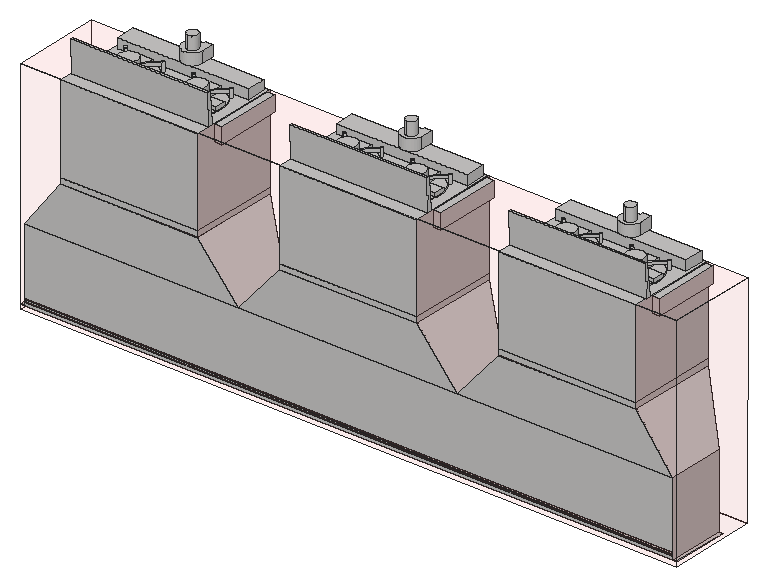
Revit family "Air-Curtain_Industrial_PoweredAire_Gas-Indirect-3Heater", category Mechanical Equipment, host Face, Revit 2017
Family settings
  Host = Face
  Round Connector Dimension = Use Diameter
  Part Type = Normal
  OmniClass Number = 23.75.35.17.21
  OmniClass Title = Air Curtains
  Cut with Voids When Loaded = No
  Shared = No
  Room Calculation Point = No
Parameters (values of type "22 ft Opening EHD 240'' Nozzle")
  topbracket [instance] = Unit Height = 1' 4 3/4"  # no
  Warranty Duration (Years) = 0
  Unit Width Notes = "Other Widths available."  # constant formula
  Unit Width = 20' - 3 3/8"
  Unit Weight = 2870
  Unit Height = 1' - 9"
  Unit Depth = 2' - 3 1/4"
  URL = "http://www.poweredaire.com/"
  Test Data = ""
  Standards Conformance = "AGA  ;  Made in USA"
  Specification = "http://www.arcat.com/sdspecs/htm04/23_34_33pai.htm"
  SpecWizard = ""
  Sound Pressure = ">71 dBA"
  Sales Information = "http://www.poweredaire.com/contact_us"
  Revision = "R1_2016-08"
  Projection from Host [instance] = 0' - 2"
  Product Properties = ""
  Product Data = "http://www.arcat.com/arcatcos/cos47/arc47623.html"
  Power Rating = 0 W
  Piping_Operating Pressure [instance] = 0.00 psi
  Pipe OD [instance] = 5/8"
  Overall Depth = 6' - 7 3/4"
  Nozzle Width = if(1 = 1, Unit Width - 0' 3", 0' 0")  # 20' - 0 3/8"
  Mounting Width = if(1 = 1, Unit Width - 0' 1 1/2", 0' 0")  # 20' - 1 7/8"
  Mounting Height [instance] = 3' - 6"
  Motor RPM = 1160
  Motor HP = 5
  Motor Count = 4
  Model = "EHD-4-240IG"
  Max Height = 22' - 0"
  Manufacturer Website = "http://www.poweredaire.com/"
  Manufacturer Phone - Toll Free = "888-321-2473"
  Manufacturer Phone = "724-588-3305"
  Manufacturer Fax = "724-588-3371"
  Manufacturer Address = "109 Mortensen Rd.  Greenville, PA 16125"
  Manufacturer = "Powered Aire, Inc"
  Maintenance Schedule (Months) = 0
  Keynote = "23 34 33"
  Installation-Fabrication = ""
  Installation Phase = ""
  Include Clearance [instance] = yes
  Heating Element Load = 0 W
  Heater Weight = 0
  Heater Hanging Width = 4' - 0 5/8"
  Heater Finish [instance] = Metal - Steel - PoweredAire - Stainless 304
  HVAC_Temperature Rise = 27 °F
  HVAC_Primary CFM = 0 CFM
  HVAC_Outlet Volume = 29100 CFM
  HVAC_Outlet Velocity Uniformity = 0.95
  HVAC_Outlet Velocity = 4400 FPM
  HVAC_Exit Temperature [instance] = 0 °F
  HVAC_BTU Output = 840000.0 Btu/h
  HVAC_BTU Input = 350000.0 Btu/h
  Green Building-LEED = "http://www.arcat.com/green/clients/leed_data_47623.html"
  Gas Connection Diameter [instance] = 0"
  Frame Finish [instance] = Metal - Steel - PoweredAire - Stainless 304
  Expected Lifespan (Years) = 0
  Exhaust Connection Diameter = 0' - 6"
  Electrical_Wattage [instance] = Power Rating + Heating Element Load  # 0 W
  Electrical_Voltage [instance] = 0 V
  Electrical_Phase [instance] = 1
  Electrical_Frequency [instance] = 0 Hz
  Electrical_Amperage [instance] = 0 A
  Drawn By = "Sumex Design, Inc. / Robert S. Weygant, CSI, CDT, SCIP"
  Description = "Powered Aire Indirect Gas Heated Industrial Air Curtain - EHD-4-240IG as Specified"
  Default Elevation = 0' - 0"  # constant formula
  Copyright = "©Arcat Inc."
  Construction Details = "http://www.arcat.com/details/powair/prod3336.html"
  Clearance_Top [instance] = 1' - 0"
  Clearance_Side B [instance] = 0' - 0"
  Clearance_Side A [instance] = 0' - 0"
  Clearance_Intake [instance] = 0' - 0"
  Clearance_Bottom [instance] = 0' - 0"
  Clearance Material [instance] = ARCAT Clearance
  Building Codes = ""
  Available Options [instance] = "as Specified"
  Assembly Code = "D3090400"
Types (5): name | Unit Width | Unit Weight | Sound Pressure | Nozzle Width | Mounting Width | Motor HP | Motor Count | Model | Max Height | HVAC_Temperature Rise | HVAC_Outlet Volume | HVAC_Outlet Velocity Uniformity | HVAC_Outlet Velocity | Description
  22 ft Opening EHD 240'' Nozzle | 20' - 3 3/8" | 2870 | ">71 dBA" | 20' - 0 3/8" | 20' - 1 7/8" | 5 | 4 | "EHD-4-240IG" | 22' - 0" | 27 °F | 29100 CFM | 0.95 | 4400 FPM | "Powered Aire Indirect Gas Heated Industrial Air Curtain - EHD-4-240IG as Specified"
  22 ft Opening EHD 228'' Nozzle | 19' - 3 3/8" | 2800 | ">71 dBA" | 19' - 0 3/8" | 19' - 1 7/8" | 5 | 4 | "EHD-4-228IG" | 22' - 0" | 27 °F | 28300 CFM | 0.94 | 4800 FPM | "Powered Aire Indirect Gas Heated Industrial Air Curtain - EHD-4-228IG as Specified"
  17 ft Opening TSD 240'' Nozzle 5 Motor | 20' - 3 1/2" | 2550 | ">69 dBA" | 20' - 0 1/2" | 20' - 2" | 3 | 5 | "TSD-5-240IG" | 17' - 0" | 34 °F | 25900 CFM | 0.951 | 3900 FPM | "Powered Aire Indirect Gas Heated Industrial Air Curtain - TSD-5-240IG as Specified"
  17 ft Opening TSD 240'' Nozzle 4 Motor | 20' - 3 3/8" | 2330 | ">69 dBA" | 20' - 0 3/8" | 20' - 1 7/8" | 3 | 4 | "TSD-4-240IG" | 17' - 0" | 38 °F | 21500 CFM | 0.863 | 3300 FPM | "Powered Aire Indirect Gas Heated Industrial Air Curtain - TSD-4-240IG as Specified"
  17 ft Opening TSD 228'' Nozzle | 19' - 3 3/8" | 2310 | ">69 dBA" | 19' - 0 3/8" | 19' - 1 7/8" | 3 | 4 | "TSD-4-228IG" | 17' - 0" | 40 °F | 20800 CFM | 0.863 | 3300 FPM | "Powered Aire Indirect Gas Heated Industrial Air Curtain - TSD-4-228IG as Specified"
Reference planes (in)
  plane 1 "Center (Elevation)": y = 0.13818
  plane 2: z = 0
  plane 3 "Center (Left/Right)": x = 0
  plane 4 "Top": y = 10.63818
  plane 5: y = -10.36182
  plane 6: x = -121.6875
  plane 7: x = 121.6875
  plane 8 "Front": z = 29.25
  plane 9 "FF": y = -41.86182
  plane 10: z = 2
  plane 11: x = 120.1875
  plane 12: x = -120.1875
  plane 13: y = 22.63818
  plane 14: y = -10.36182
  plane 15: x = -121.6875
  plane 16: x = 121.6875
  plane 17: z = 81.75
  plane 18: x = 120.125
  plane 19: x = -120.125
  plane 20: x = 120.1875
  plane 21: x = 120.1875
  plane 22: y = 8.13818
  plane 23: y = -7.86182
  plane 24: z = 81.75
  plane 25: z = 49.25
  plane 26: z = 47.25
  plane 27: x = -56.8125
  plane 28: x = -105.4375
  plane 29: x = -55.75
  plane 30: x = -106.5
  plane 31: x = 56.8125
  plane 32: x = 105.4375
  plane 33: x = 55.75
  plane 34: x = 106.5
  plane 35: x = -81.125
  plane 36: x = 81.125
  plane 37: x = -24.3125
  plane 38: x = 24.3125
  plane 39: x = -25.375
  plane 40: x = 25.375
  plane 41: x = -40.5625
  plane 42: x = 40.5625
Forms (in)
  Extrusion 1, solid, material "Metal - Steel - PoweredAire - Stainless 304" <- "Frame Finish"
    sketch origin (0, 0, 0) x (0, 1, 0) y (0, 0, 1)
      loop
        line (-10.36182, 2) -> (10.63818, 2) -> (10.63818, 29.25) -> (-10.36182, 29.25) -> (-10.36182, 2)
    from -120.1875 to 120.1875
  Extrusion 2, solid, material "ARCAT Clearance" <- "Clearance Material", visible <- "Include Clearance"
    sketch origin (0, 0, 0) x (0, 1, 0) y (0, 0, 1)
      loop
        line (-10.36182, 81.75) -> (-10.36182, 0) -> (22.63818, 0) -> (22.63818, 81.75) -> (-10.36182, 81.75)
    from -121.6875 to 121.6875
  Extrusion 3, solid, material "Metal - Steel - PoweredAire - Stainless 304" <- "Frame Finish"
    sketch origin (-15.17702, -180, 2) x (-1, 0, 0) y (0, -1, 0)
      loop
        line (-135.36452, -190.63818) -> (-135.36452, -169.63818) -> (-136.86452, -169.63818) -> (-136.86452, -190.63818) -> (-135.36452, -190.63818)
      loop
        line (105.01048, -190.63818) -> (106.51048, -190.63818) -> (106.51048, -169.63818) -> (105.01048, -169.63818) -> (105.01048, -190.63818)
    from 0 to 0.125
  Extrusion 4, solid, material "Metal - Steel - PoweredAire - Stainless 304" <- "Frame Finish", visible <- "topbracket"
    sketch origin (-11.83813, 10.63818, 48) x (-1, 0, 0) y (0, 0, 1)
      loop
        line (-132.02563, -45.5) -> (-132.02563, -42.75) -> (-133.52563, -42.75) -> (-133.52563, -45.5) -> (-132.02563, -45.5)
      loop
        line (-132.02563, -21.5) -> (-132.02563, -18.75) -> (-133.52563, -18.75) -> (-133.52563, -21.5) -> (-132.02563, -21.5)
      loop
        line (108.34937, -45.5) -> (109.84937, -45.5) -> (109.84937, -42.75) -> (108.34937, -42.75) -> (108.34937, -45.5)
      loop
        line (108.34937, -21.5) -> (109.84937, -21.5) -> (109.84937, -18.75) -> (108.34937, -18.75) -> (108.34937, -21.5)
    from 0 to -0.125
  Extrusion 5, void
    sketch origin (0, 0, 0) x (0, 1, 0) y (0, 0, 1)
      loop
        line (-10.36182, 3) -> (-9.36182, 3) -> (-9.36182, 4.5) -> (-10.36182, 4.5) -> (-10.36182, 3.82425) -> (-9.50864, 3.82425) -> (-9.50864, 3.57425) -> (-10.36182, 3.57425) -> (-10.36182, 3)
    from -120.125 to 120.125
  Blend 6, solid, material "Metal - Steel - PoweredAire - Stainless 304" <- "Frame Finish"
    base sketch origin (-15.17702, -180, 29.25) x (-1, 0, 0) y (0, -1, 0)
      loop
        line (105.01048, -190.63818) -> (105.01048, -169.63818) -> (25.38548, -169.63818) -> (25.38548, -190.63818) -> (105.01048, -190.63818)
    top sketch origin (-15.17702, -180, 29.25) x (-1, 0, 0) y (0, -1, 0)
      loop
        line (40.57298, -169.63818) -> (40.57298, -202.63818) -> (91.32298, -202.63818) -> (91.32298, -169.63818) -> (40.57298, -169.63818)
    from 0 to 18
  Blend 7, solid, material "Metal - Steel - PoweredAire - Stainless 304" <- "Frame Finish"
    base sketch origin (15.17702, -180, 29.25) x (1, 0, 0) y (0, 1, 0)
      loop
        line (105.01048, 190.63818) -> (25.38548, 190.63818) -> (25.38548, 169.63818) -> (105.01048, 169.63818) -> (105.01048, 190.63818)
    top sketch origin (15.17702, -180, 29.25) x (1, 0, 0) y (0, 1, 0)
      loop
        line (91.32298, 169.63818) -> (91.32298, 202.63818) -> (40.57298, 202.63818) -> (40.57298, 169.63818) -> (91.32298, 169.63818)
    from 0 to 18
  Blend 8, solid, material "Metal - Steel - PoweredAire - Stainless 304" <- "Frame Finish"
    base sketch origin (-61.94798, -180, 29.25) x (1, 0, 0) y (0, 1, 0)
      loop
        line (102.51048, 190.63818) -> (21.38548, 190.63818) -> (21.38548, 169.63818) -> (102.51048, 169.63818) -> (102.51048, 190.63818)
    top sketch origin (-61.94798, -180, 29.25) x (1, 0, 0) y (0, 1, 0)
      loop
        line (36.57298, 169.63818) -> (87.32298, 169.63818) -> (87.32298, 202.63818) -> (36.57298, 202.63818) -> (36.57298, 169.63818)
    from 0 to 18
Cuts and joins
  Extrusion 5 cuts Extrusion 1
Dimensions and locks (in)
  equal spacing: plane 4 "Top", plane 1 "Center (Elevation)", plane 5
  "Unit Height": plane 4 "Top" to plane 5
  "Unit Width": plane 6 to plane 7
  "Mounting Height": plane 1 "Center (Elevation)" to plane 9 "FF"
  "Projection from Host": plane 10 to level
  "Unit Depth": plane 8 "Front" to plane 10
  locked: plane 6 to plane 12 at 1.5
  locked: plane 11 to plane 7 at 1.5
  "Clearance_Side A": plane 7 to plane 16
  "Clearance_Side B": plane 15 to plane 6
  "Clearance_Top": plane 13 to plane 4 "Top"
  "Clearance_Bottom": plane 5 to plane 14
  "Clearance_Intake": plane 17 to plane 24
  Extrusion 5 sketch curve to Extrusion 5 sketch curve to Extrusion 5 sketch curve to Extrusion 5 sketch curve to plane 10 = 0' - 0.67575" locked, 0' - 0 1/4" locked, 0' - 0.57425" locked, 0' - 1" locked
  plane 5 to Extrusion 5 sketch curve to Extrusion 5 sketch curve = 0' - 0.85319" locked, 0' - 0.14681" locked
  locked: plane 19 to plane 12 at 0.0625
  locked: plane 11 to plane 18 at 0.0625
  locked: plane 20 to plane 11
  locked: plane 21 to plane 11
  locked: plane 4 "Top" to plane 22 at 2.5
  locked: plane 23 to plane 5 at 2.5
  "Overall Depth": plane 24 to plane 10
  locked: plane 25 to plane 26 at 2
  locked: plane 24 to plane 25 at 32.5
  locked: Blend 6 sketch curve to plane 5 at 33
  Extrusion 4 sketch curve to Extrusion 4 sketch curve to plane 10 = 0' - 2 3/4" locked, 0' - 0 1/2" locked  (x2)
  plane 8 "Front" to Extrusion 4 sketch curve to Extrusion 4 sketch curve = 0' - 0" locked, 0' - 2 3/4" locked  (x2)
  locked: plane 30 to plane 28 at 1.0625
  locked: plane 27 to plane 29 at 1.0625
  locked: plane 32 to plane 34 at 1.0625
  locked: plane 33 to plane 31 at 1.0625
  "Heater Hanging Width": plane 28 to plane 27
  equal spacing: plane 31, plane 36, plane 32
  "Heater Hanging Width": plane 31 to plane 32
  locked: Blend 7 sketch curve to plane 5 at 33
  locked: plane 38 to plane 40 at 1.0625
  locked: plane 39 to plane 37 at 1.0625
  equal spacing: plane 37, plane 3 "Center (Left/Right)", plane 38
  "Heater Hanging Width": plane 37 to plane 38
  equal spacing: plane 28, plane 35, plane 27
  equal spacing: plane 6, plane 35, plane 41, plane 3 "Center (Left/Right)", plane 42, plane 36, plane 7
  locked: Blend 8 sketch curve to plane 5 at 33
  aligned and locked: plane 2 to host face
  aligned and locked: level to host face
  aligned and locked: Extrusion 2 sketch curve to plane 17
  aligned and locked: plane 14 to Extrusion 2 sketch curve
  aligned and locked: level to Extrusion 2 sketch curve
  aligned and locked: Extrusion 2 sketch curve to plane 13
  aligned and locked: plane 16 to Extrusion 2
  aligned and locked: Extrusion 2 to plane 15
  aligned and locked: plane 11 to Extrusion 1
  aligned and locked: Extrusion 1 to plane 12
  aligned and locked: Extrusion 1 sketch curve to plane 8 "Front"
  aligned and locked: plane 24 to nested 1
  aligned and locked: plane 5 to Blend 6 sketch curve
  aligned and locked: plane 12 to Blend 6 sketch curve
  aligned and locked: Blend 6 sketch curve to plane 4 "Top"
  aligned and locked: Blend 6 sketch curve to plane 5
  aligned and locked: plane 26 to Blend 6
  aligned and locked: plane 35 to nested 1
  aligned and locked: plane 36 to nested 2
  aligned and locked: nested 2 to plane 24
  aligned and locked: plane 5 to Blend 7 sketch curve
  aligned and locked: plane 11 to Blend 7 sketch curve
  aligned and locked: Blend 7 sketch curve to plane 4 "Top"
  aligned and locked: plane 33 to Blend 7 sketch curve
  aligned and locked: Blend 7 sketch curve to plane 5
  aligned and locked: Blend 7 sketch curve to plane 34
  aligned and locked: plane 18 to cut or joined group of Extrusion 1, Extrusion 5
  aligned and locked: cut or joined group of Extrusion 1, Extrusion 5 to plane 19
  aligned and locked: plane 3 "Center (Left/Right)" to nested 3
  aligned and locked: plane 24 to nested 3
  aligned and locked: Blend 6 sketch curve to plane 41
  aligned and locked: Blend 7 sketch curve to plane 42
  aligned and locked: plane 30 to Blend 6 sketch curve
  aligned and locked: Blend 6 sketch curve to plane 29
  aligned and locked: Blend 8 sketch curve to plane 41
  aligned and locked: plane 42 to Blend 8 sketch curve
  aligned and locked: Blend 8 sketch curve to plane 5
  aligned and locked: Blend 8 sketch curve to plane 4 "Top"
  aligned and locked: Blend 8 sketch curve to plane 39
  aligned and locked: plane 40 to Blend 8 sketch curve
  aligned and locked: plane 26 to Blend 8
Automatic sketch dimensions
  host sketch curve to host sketch curve = 8' - 0"  (x2)
  Extrusion 1 sketch curve to plane 5 = 0' - 0"
  Extrusion 1 sketch curve to plane 4 "Top" = 0' - 0"
  Extrusion 1 sketch curve to plane 10 = 0' - 0"
  plane 4 "Top" to Extrusion 3 sketch curve = 0' - 0"
  Extrusion 3 sketch curve to plane 7 = 0' - 0"
  plane 5 to Extrusion 3 sketch curve = 0' - 0"
  Extrusion 3 sketch curve to plane 11 = 0' - 0"
  Extrusion 3 sketch curve to plane 4 "Top" = 0' - 0"
  Extrusion 3 sketch curve to plane 12 = 0' - 0"
  Extrusion 3 sketch curve to plane 6 = 0' - 0"
  Extrusion 3 sketch curve to plane 5 = 0' - 0"
  Extrusion 4 sketch curve to plane 7 = 0' - 0"  (x2)
  Extrusion 4 sketch curve to plane 11 = 0' - 0"  (x2)
  Extrusion 4 sketch curve to plane 12 = 0' - 0"  (x2)
  Extrusion 4 sketch curve to plane 6 = 0' - 0"  (x2)
  Extrusion 5 sketch curve to plane 5 = 0' - 0"  (x2)
  Blend 8 sketch curve to plane 5 = 0' - 0"
Nested families (in)
  nested 1: "Heater" at (-81.125, -10.36182, 49.2987) x (1, 0, 0) z (0, 1, 0), finish <- "Heater Finish", burner width <- "Heater Hanging Width", type "Heater"
    with finish Metal - Steel - PoweredAire - Stainless 304, burner width 4' - 0 5/8", Two Fan yes, One Fan no
  nested 2: "Heater" at (81.125, -10.36182, 49.2987) x (1, 0, 0) z (0, 1, 0), finish <- "Heater Finish", burner width <- "Heater Hanging Width", type "Heater"
    with finish Metal - Steel - PoweredAire - Stainless 304, burner width 4' - 0 5/8", Two Fan yes, One Fan no
  nested 3: "Heater" at (0, -10.36182, 49.2987) x (1, 0, 0) z (0, 1, 0), finish <- "Heater Finish", burner width <- "Heater Hanging Width", type "Heater"
    with finish Metal - Steel - PoweredAire - Stainless 304, burner width 4' - 0 5/8", Two Fan yes, One Fan no
Connectors (in)
  electrical at (-120.1875, 0.13818, 15.625), driven by "Electrical_Voltage", driven by "Electrical_Phase"
    settings: on cut or joined group of Extrusion 1, Extrusion 5, index 3, voltage 0 V, apparent load 0 VA, apparent load phase1 0 VA, apparent load phase2 0 VA, apparent load phase3 0 VA, power factor 1, load classification "Motor", number of poles 1, system type 31, power factor state 1, is connector primary yes, connector utility no, sub classification motor no, connector description ""
  hvac at (-78.125, 22.63818, 87.40625), driven by "Exhaust Connection Diameter", driven by "HVAC_Primary CFM"
    settings: on nested 1, index 4, duct flow 0 CFM, flow factor 0, pres drop 0.00 in-wg, loss coef 0, conn angle 0.00°, conn width 12", conn height 12", conn diameter 6", duct sys type 3, conn prof type 0, flow config 0, flow direction 2, loss method 0, conn ref index -1, conn util no, is conn primary yes, conn desc ""
  hvac at (84.125, 22.63818, 87.40625), driven by "HVAC_Primary CFM", driven by "Exhaust Connection Diameter"
    settings: on nested 2, index 5, duct flow 0 CFM, flow factor 0, pres drop 0.00 in-wg, loss coef 0, conn angle 0.00°, conn width 12", conn height 12", conn diameter 6", duct sys type 3, conn prof type 0, flow config 0, flow direction 2, loss method 0, conn ref index -1, conn util no, is conn primary no, conn desc ""
  hvac at (3, 22.63818, 87.40625), driven by "HVAC_Primary CFM", driven by "Exhaust Connection Diameter"
    settings: on nested 3, index 6, duct flow 0 CFM, flow factor 0, pres drop 0.00 in-wg, loss coef 0, conn angle 0.00°, conn width 12", conn height 12", conn diameter 6", duct sys type 3, conn prof type 0, flow config 0, flow direction 2, loss method 0, conn ref index -1, conn util no, is conn primary no, conn desc ""
Definition of nested family "Heater"
  Parameters
    finish [instance] = none
    burner width [instance] = 4' - 0 5/8"
    burner depth = 3' - 8 3/4"
    Two Fan [instance] = burner width > 4' 0"  # yes
    One Fan [instance] = burner width < 4' 0"  # no
    Default Elevation = 0' - 0"  # constant formula
  Reference planes (in)
    plane 1 "Center (Front/Back)": y = 0
    plane 2: z = 0
    plane 3 "Center (Left/Right)": x = 0
    plane 4: x = -25.375
    plane 5: x = 25.375
    plane 6: z = 33
    plane 7: y = -44.75
    plane 8: x = 3
    plane 9: x = 4.375
    plane 10: x = -12.6875
    plane 11: x = 12.6875
    plane 12: z = 15.5
    plane 13: x = -24.3125
    plane 14: x = 24.3125
  Forms (in)
    Extrusion 1, solid, material <- "finish"
      sketch origin (-74.94554, -3, 38.65968) x (0, 0, 1) y (1, 0, 0)
        loop
          line (-5.65968, 49.57054) -> (-5.65968, 100.32054) -> (-38.65968, 100.32054) -> (-38.65968, 49.57054) -> (-5.65968, 49.57054)
      from 3 to -29.4513
    Extrusion 2, solid, material <- "finish"
      sketch origin (0, 0, 0) x (0, 1, 0) y (0, 0, 1)
        loop
          line (2, 0) -> (2, 33) -> (0, 33) -> (0, 0) -> (2, 0)
      from -25.375 to 25.375
    Extrusion 3, solid, material <- "finish"
      sketch origin (-74.94554, -32.4513, 38.65968) x (0, 0, 1) y (1, 0, 0)
        loop
          line (-6.91591, 50.82971) -> (-6.91591, 99.10844) -> (-13.91591, 99.10844) -> (-13.91591, 50.82971) -> (-6.91591, 50.82971)
      from 0 to -3.625
    Extrusion 4, solid, material <- "finish"
      sketch origin (-74.94554, -36.0763, 38.65968) x (0, 0, 1) y (1, 0, 0)
        loop
          arc (-10.4052, 79.32054) -> (-12.67312, 72.60509) -> (-6.79809, 76.57054) r 3.74068
          line (-6.79809, 76.57054) -> (-5.65968, 76.57054) -> (-5.65968, 79.32054) -> (-10.4052, 79.32054)
      from 0 to -4.0625
    Extrusion 5, solid, material <- "finish"
      sketch origin (-73.58006, -40.1388, 35.52564) x (0, 0, -1) y (1, 0, 0)
        loop
          circle (7.27116, 74.21438) r 2
      from 4.6112 to 0
    Extrusion 6, solid, material <- "finish"
      sketch origin (0, 0, 0) x (1, 0, 0) y (0, 1, 0)
        loop
          line (28.3125, -32.4513) -> (28.3125, -26.7013) -> (25.3125, -26.7013) -> (25.3125, -32.4513) -> (28.3125, -32.4513)
      from 7.25 to 31.75
    Extrusion 7, solid, material <- "finish", visible <- "Two Fan"
      sketch origin (0, 0, 0) x (0, 1, 0) y (0, 0, 1)
        loop
          line (-32.4513, 6.22268) -> (-44.15658, 5.1986) -> (-44.15658, 4.4486) -> (-32.4513, 4.85736) -> (-32.4513, 6.22268)
      from -25.375 to 25.375
  Dimensions and locks (in)
    locked: Extrusion 4 sketch curve to Extrusion 4 sketch curve at 2.75
    "burner width": plane 13 to plane 14
    locked: plane 6 to level at 33
    "burner depth": plane 7 to plane 1 "Center (Front/Back)"
    locked: plane 8 to plane 9 at 1.375
    Extrusion 4 sketch curve to Extrusion 4 sketch curve to plane 8 = 0' - 0.99068" locked, 0' - 1 3/8" locked
    locked: Extrusion 5 sketch curve to plane 8 at 2.36568
    locked: plane 8 to plane 3 "Center (Left/Right)" at 3
    Extrusion 6 sketch curve to plane 5 to Extrusion 6 sketch curve = 0' - 0 1/16" locked, 0' - 2 15/16" locked
    equal spacing: plane 5, plane 11, plane 3 "Center (Left/Right)", plane 10, plane 4
    locked: plane 4 to plane 13 at 1.0625
    locked: plane 14 to plane 5 at 1.0625
    aligned and locked: plane 2 to level
    aligned: Extrusion 4 to Extrusion 5
    aligned: Extrusion 3 to Extrusion 2  (x2)
    aligned and locked: plane 7 to Extrusion 5
    aligned and locked: plane 4 to Extrusion 1 sketch curve
    aligned and locked: Extrusion 1 sketch curve to plane 5
    aligned and locked: Extrusion 7 to plane 4
    aligned and locked: plane 5 to Extrusion 7
    aligned and locked: plane 12 to nested 1
    aligned and locked: plane 3 "Center (Left/Right)" to nested 1
    aligned and locked: plane 12 to nested 3
    aligned and locked: plane 11 to nested 3
    aligned and locked: plane 10 to nested 2
    aligned and locked: plane 12 to nested 2
    aligned and locked: plane 5 to Extrusion 2
    aligned and locked: Extrusion 2 to plane 4
  Automatic sketch dimensions
    Extrusion 1 to Extrusion 3 sketch curve = 0' - 1.25917"
    Extrusion 1 to Extrusion 3 sketch curve = 0' - 8.25624"
    Extrusion 1 to Extrusion 3 sketch curve = 0' - 1.2121"
    Extrusion 1 to Extrusion 3 sketch curve = 0' - 1.25624"
    Extrusion 4 sketch curve to Extrusion 3 = 0' - 0.11782"
    Extrusion 4 sketch curve to Extrusion 3 = 0' - 1.25624"
    Extrusion 5 sketch curve to Extrusion 4 = 0' - 4.74552"
    Extrusion 1 sketch curve to level = 0' - 0"
    Extrusion 1 sketch curve to plane 6 = 0' - 0"
    Extrusion 2 sketch curve to level = 0' - 0"
    Extrusion 2 sketch curve to plane 1 "Center (Front/Back)" = 0' - 0"
    Extrusion 2 sketch curve to plane 6 = 0' - 0"
    Extrusion 2 sketch curve to Extrusion 2 sketch curve = 0' - 2"
    Extrusion 6 sketch curve to plane 7 = 1' - 0.2987"
    Extrusion 6 sketch curve to Extrusion 6 sketch curve = 0' - 5 3/4"
    Extrusion 7 sketch curve to plane 7 = 0' - 0.59342"
    level to Extrusion 7 sketch curve = 0' - 4.4486"
    Extrusion 7 sketch curve to Extrusion 7 sketch curve = 0' - 0 3/4"
    level to Extrusion 7 sketch curve = 0' - 4.85736"
    Extrusion 7 sketch curve to Extrusion 7 sketch curve = 0' - 11.70529"
    Extrusion 7 sketch curve to Extrusion 7 sketch curve = 0' - 1.36532"
    radius of Extrusion 5 sketch curve = 0' - 2"
  Nested families (in)
    nested 1: "FanControls" at (0, -32.4513, 15.5) x (1, 0, 0) z (0, -1, 0), finish <- "finish", visible <- "One Fan", type "FanControls"
      with finish none
    nested 2: "FanControls" at (-12.6875, -32.4513, 15.5) x (1, 0, 0) z (0, -1, 0), finish <- "finish", visible <- "Two Fan", type "FanControls"
      with finish none
    nested 3: "FanControls" at (12.6875, -32.4513, 15.5) x (1, 0, 0) z (0, -1, 0), finish <- "finish", visible <- "Two Fan", type "FanControls"
      with finish none
  Definition of nested family "FanControls"
    Parameters
      finish [instance] = none
      Default Elevation = 4' - 0"
    Reference planes (in)
      plane 1 "Center (Front/Back)": y = 0
      plane 2: z = 0
      plane 3 "Center (Left/Right)": x = 0
    Forms (in)
      Extrusion 1, solid, material <- "finish"
        sketch origin (-75.00804, 32.07233, 0) x (1, 0, 0) y (0, -1, 0)
          loop
            circle (75.00804, 32.07233) r 3.25
        from -5.33075 to 0
      Extrusion 2, solid, material <- "finish"
        sketch origin (24.44581, -78.06044, 0) x (1, 0, 0) y (0, -1, 0)
          loop
            line (-22.50831, -86.58776) -> (-22.50831, -81.58776) -> (-26.50831, -81.58776) -> (-26.50831, -86.58776) -> (-22.50831, -86.58776)
          loop
            line (-22.50831, -69.53312) -> (-26.50831, -69.53312) -> (-26.50831, -74.53312) -> (-22.50831, -74.53312) -> (-22.50831, -69.53312)
          loop
            line (-15.98099, -76.06044) -> (-20.98099, -76.06044) -> (-20.98099, -80.06044) -> (-15.98099, -80.06044) -> (-15.98099, -76.06044)
          loop
            line (-33.03563, -76.06044) -> (-33.03563, -80.06044) -> (-28.03563, -80.06044) -> (-28.03563, -76.06044) -> (-33.03563, -76.06044)
        from 0 to -1.37288
      Extrusion 3, solid, material <- "finish"
        sketch origin (-75.00804, 21.40968, 0) x (1, 0, 0) y (0, -1, 0)
          loop
            line (68.02536, 14.95733) -> (68.55569, 14.427) -> (75.00804, 20.87935) -> (81.46039, 14.427) -> (81.99072, 14.95733) -> (75.53837, 21.40968) -> (81.99072, 27.86203) -> (81.46039, 28.39236) -> (75.00804, 21.94001) -> (68.55569, 28.39236) -> (68.02536, 27.86203) -> (74.47771, 21.40968) -> (68.02536, 14.95733)
        from -3.1123 to -2
      Extrusion 4, solid, material <- "finish"
        sketch origin (-75.00804, 21.40968, 0) x (1, 0, 0) y (0, -1, 0)
          loop
            line (68.02536, 13.89667) -> (68.55569, 14.427) -> (68.02536, 14.95733) -> (67.49503, 14.427) -> (68.02536, 13.89667)
          loop
            line (82.52105, 14.427) -> (81.99072, 14.95733) -> (81.46039, 14.427) -> (81.99072, 13.89667) -> (82.52105, 14.427)
          loop
            line (81.99072, 28.92269) -> (81.46039, 28.39236) -> (81.99072, 27.86203) -> (82.52105, 28.39236) -> (81.99072, 28.92269)
          loop
            line (67.49503, 28.39236) -> (68.02536, 27.86203) -> (68.55569, 28.39236) -> (68.02536, 28.92269) -> (67.49503, 28.39236)
        from 0 to -3.1123
      Extrusion 5, solid, material <- "finish"
        sketch origin (0, 0, 0) x (1, 0, 0) y (0, 1, 0)
          loop
            circle (0, 0) r 9
        from 0 to 0.14961
    Dimensions and locks (in)
      Extrusion 4 sketch curve to Extrusion 4 sketch curve to Extrusion 4 sketch curve to Extrusion 4 sketch curve = 0' - 0.53033" locked, 0' - 0" locked, 0' - 0.53033" locked  (x4)
      Extrusion 3 sketch curve to Extrusion 3 sketch curve to Extrusion 3 sketch curve to Extrusion 3 sketch curve to Extrusion 3 sketch curve = 0' - 5.92202" locked, 0' - 0" locked, 0' - 0.53033" locked, 0' - 0" locked
      Extrusion 3 sketch curve to Extrusion 3 sketch curve to Extrusion 3 sketch curve to Extrusion 3 sketch curve to Extrusion 3 sketch curve = 0' - 0" locked, 0' - 0.53033" locked, 0' - 0" locked, 0' - 5.92202" locked
      locked: Extrusion 2 sketch curve to Extrusion 2 sketch curve at 5  (x2)
      aligned and locked: plane 2 to level
